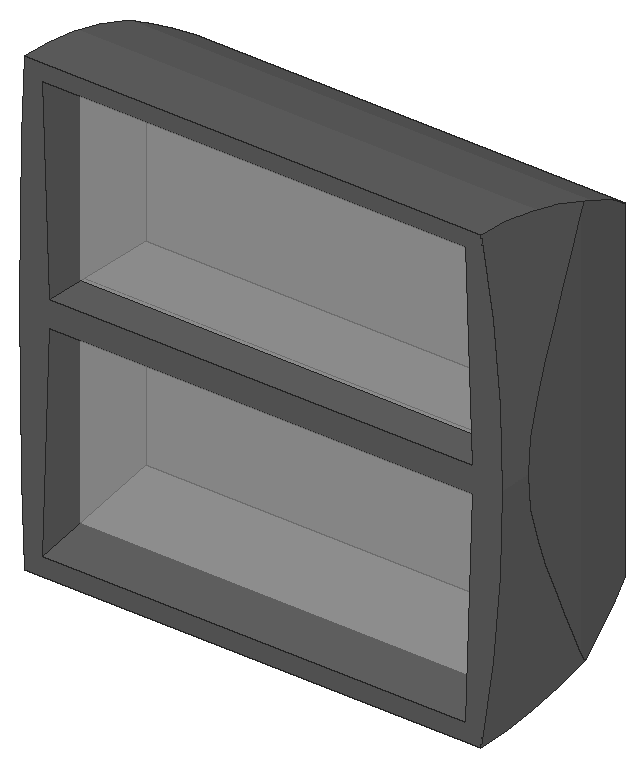
Revit family "FXL - Knuckle", category Lighting Fixtures, host Face, Revit 2021
Family settings
  Host = Face
  Round Connector Dimension = Use Diameter
  Part Type = Normal
  OmniClass Number = 23.80.70.14.14
  OmniClass Title = Exterior Floodlights
  Cut with Voids When Loaded = No
  Light Source = No
  Shared = Yes
  Room Calculation Point = No
Parameters (values of type "FXL Knuckle - BL")
  Voltage = 120 V
  URL = "https://www.currentlighting.com/exo"
  Total Input Wattage = 194 W
  Tilt Angle = 0.00°
  Stand = Black
  Product Page URL = ""
  Product Documentation Link = ""
  Pivot calc. = 89.00° + Pivot Angle + 1.00°  # 90.00°
  Pivot Angle = Tilt Angle  # 0.00°
  Photometric Web = Web ARF4 - Knuckle : ARF4-X-84L3K-700-N-U
  Model = "FXL 84 LED Floodlight"  # constant formula
  Manufacturer = "EXO"  # constant formula
  Lens = White Glass
  Finish = Black
  Description = "Office buildings, monuments, facades, columns, flag poles, bridges, commercial, mixed retail, apartments, schools and campuses"  # constant formula
  Default Elevation = 48.000"
  Apparent Load = 0 VA
Reference planes (in)
  plane 1 "Center (Front/Back)": y = 0
  plane 2: z = 0
  plane 3 "Center (Left/Right)": x = 0
  plane 4: z = 2
  plane 5: z = 2
  plane 6: x = 0.5
  plane 7: y = -0.5
  plane 8: y = 0.5
Forms (in)
  Extrusion 1, solid, material "Black" <- "Stand"
    sketch origin (0, 0, 0) x (0, 1, 0) y (0, 0, 1)
      loop
        circle (0, 2) r 0.75
    from 0 to 0.5
  Extrusion 2, solid, material "Black" <- "Stand"
    sketch origin (0, 0, 0) x (1, 0, 0) y (0, 1, 0)
      loop
        circle (0, 0) r 0.3
    from 0 to 2
  Extrusion 3, void
    sketch origin (0, 0, 0) x (1, 0, 0) y (0, 0, 1)
      loop
        line (-0.3, 2) -> (-0.3, 0.64622) -> (0, 1.03686) -> (0, 2) -> (-0.3, 2)
    from -0.5 to 0.5
Cuts and joins
  Extrusion 3 cuts Extrusion 1
  Extrusion 3 cuts Extrusion 2
  joined: Extrusion 1, Extrusion 2
Lines and regions (in)
  reference lines
    curve 1: line (0, 0, 2) -> (0, 0, 0.50316)
Dimensions and locks (in)
  locked: plane 4 to plane 2 at 2
  locked: plane 6 to plane 3 "Center (Left/Right)" at 0.5
  equal spacing: plane 7, plane 1 "Center (Front/Back)", plane 8
  locked: plane 1 "Center (Front/Back)" to plane 8 at 0.5
  locked: plane 4 to Extrusion 3 sketch curve at 1.35378
  locked: plane 4 to Extrusion 3 sketch curve at 0.96314
  locked: curve 1 to plane 5 (angle 90.00°)
  "Pivot calc.": angle plane 1 "Center (Front/Back)" to plane 5
  aligned and locked: plane 2 to host face
  aligned and locked: level to host face
  aligned and locked: plane 1 "Center (Front/Back)" to curve 1
  aligned and locked: plane 5 to curve 1
  aligned and locked: plane 3 "Center (Left/Right)" to nested 1
  aligned and locked: nested 1 to curve 1
  aligned and locked: nested 1 to plane 5
  aligned and locked: Extrusion 1 to plane 3 "Center (Left/Right)"
  aligned and locked: Extrusion 2 to plane 2
  aligned and locked: plane 4 to Extrusion 2
  aligned and locked: Extrusion 3 sketch curve to Extrusion 2  (x2)
  aligned and locked: Extrusion 3 sketch curve to plane 3 "Center (Left/Right)"
  aligned and locked: plane 8 to Extrusion 3
  aligned and locked: Extrusion 3 to plane 7
  aligned and locked: Extrusion 2 to host face
  aligned and locked: plane 6 to cut or joined group of Extrusion 1, Extrusion 2, Extrusion 3
  aligned and locked: nested 2 to plane 3 "Center (Left/Right)"
  aligned and locked: nested 2 to nested 1
Automatic sketch dimensions
  host sketch curve to host sketch curve = 96.000"  (x2)
  plane 1 "Center (Front/Back)" to Extrusion 2 sketch curve = 0.000"
  Extrusion 2 sketch curve to plane 3 "Center (Left/Right)" = 0.000"
  Extrusion 1 sketch curve to plane 1 "Center (Front/Back)" = 0.000"
  Extrusion 1 sketch curve to plane 4 = 0.000"
  radius of Extrusion 2 sketch curve = 0.300"
  radius of Extrusion 1 sketch curve = 0.750"
Nested families (in)
  nested 1: "ARF4 Architectural 84 LED Floodlight - Knuckle" at (0, 0, -3.6), Finish <- "Finish", Lens <- "Lens", type "ARF4 Architectural 84 LED Floodlight - Knuckle"
    with Lens White Glass, Finish Black
  nested 2: "Web ARF4 - Knuckle" at (-0.23896, -2.5, 12.03999) x (-1, 0, 0) z (0, -1, 0), type <- "Photometric Web", type "ARF4-X-84L3K-700-N-U"
Connectors (in)
  electrical at (0, 0, 0), driven by "Voltage", driven by "Description"
    settings: on cut or joined group of Extrusion 1, Extrusion 2, Extrusion 3, index 1, voltage 120 V, apparent load 0 VA, apparent load phase1 0 VA, apparent load phase2 0 VA, apparent load phase3 0 VA, power factor 1, load classification "Other", number of poles 1, system type 30, power factor state 1, is connector primary yes, connector utility no, sub classification motor no, connector description "Office buildings, monuments, facades, columns, flag poles, bridges, commercial, mixed retail, apartments, schools and campuses"
Definition of nested family "ARF4 Architectural 84 LED Floodlight - Knuckle"
  Parameters
    URL = "http://www.spauldinglighting.com/"
    Product Page URL = ""
    Product Documentation Link = ""
    Manufacturer Phone = "(864)-678-1000"  # constant formula
    Manufacturer Fax = "(866)-898-1065"  # constant formula
    Manufacturer = "Spaulding Lighting"  # constant formula
    Lens [instance] = none
    Finish [instance] = none
    Default Elevation = 48.000"
  Reference planes (in)
    plane 1 "Center (Front/Back)": y = 0
    plane 2: z = 0
    plane 3 "Center (Left/Right)": x = 0
    plane 4: z = 5.6
    plane 5: y = 2
    plane 6: y = -4
    plane 7: x = -7.45
    plane 8: x = 7.45
    plane 9: z = 19.6
    plane 10: x = -0.5
    plane 11: x = -6.95
    plane 12: x = 6.95
    plane 13: y = -2.5
    plane 14: y = -2.35
    plane 15: z = 12.6
    plane 16: y = 2.75
    plane 17: y = -4.75
    plane 18: z = 20.1
    plane 19: z = 5.1
    plane 20: x = -6.45
    plane 21: x = 6.45
    plane 22: z = 15.6
  Forms (in)
    Extrusion 1, solid, material <- "Finish"
      sketch origin (0, 0, 0) x (0, 1, 0) y (0, 0, 1)
        loop
          arc (-4, 19.6) -> (-3.68063, 12.6) -> (-4, 5.6) r 76.87231
          arc (-4, 5.6) -> (-0.85167, 6.08727) -> (2, 7.50763) r 10.36587
          line (2, 7.50763) -> (2, 12.6) -> (2, 17.69237)
          arc (2, 17.69237) -> (-0.85167, 19.11273) -> (-4, 19.6) r 10.36587
      from -7.45 to 7.45
    Extrusion 2, void
      sketch origin (0, 0, 0) x (1, 0, 0) y (0, 0, 1)
        loop
          line (-6.89284, 20.1) -> (-8.45, 20.1) -> (-8.45, 5.1) -> (-6.89284, 5.1)
          arc (-6.89284, 5.1) -> (-7.33501, 12.6) -> (-6.89284, 20.1) r 63.82678
        loop
          arc (6.89335, 20.1) -> (7.33158, 12.6) -> (6.89335, 5.1) r 64.39699
          line (6.89335, 5.1) -> (8.45, 5.1) -> (8.45, 20.1) -> (6.89335, 20.1)
      from -2.75 to 4.75
    Extrusion 3, void
      sketch origin (0, 0, 0) x (1, 0, 0) y (0, 1, 0)
        loop
          arc (-7.36799, -4.75) -> (-7.15567, -0.954) -> (-6.29827, 2.75) r 22.18331
          line (-6.29827, 2.75) -> (-7.95, 2.75) -> (-7.95, -4.75) -> (-7.36799, -4.75)
        loop
          line (7.36799, -4.75) -> (7.95, -4.75) -> (7.95, 2.75) -> (6.29827, 2.75)
          arc (6.29827, 2.75) -> (7.15567, -0.954) -> (7.36799, -4.75) r 22.18331
      from 5.1 to 20.1
    Extrusion 4, void
      sketch origin (0, 0, 0) x (0, 1, 0) y (0, 0, 1)
        loop
          line (-4, 19.1) -> (-4, 12.98128) -> (0, 12.98128) -> (0, 18.32248)
          arc (0, 18.32248) -> (-1.97941, 18.81718) -> (-4, 19.1) r 19.28656
        loop
          arc (-4, 6.1) -> (-1.97941, 6.38282) -> (0, 6.87752) r 19.28656
          line (0, 6.87752) -> (0, 12.21872) -> (-4, 12.21872) -> (-4, 6.1)
      from -6.45 to 6.45
    Extrusion 5, solid, material <- "Lens"
      sketch origin (0, 0, 0) x (0, 1, 0) y (0, 0, 1)
        loop
          line (-2.5, 12.98128) -> (-2.35, 12.98128) -> (-2.35, 18.88546)
          arc (-2.35, 18.88546) -> (-2.42497, 18.89837) -> (-2.5, 18.91098) r 19.28656
          line (-2.5, 18.91098) -> (-2.5, 12.98128)
        loop
          line (-2.5, 12.21872) -> (-2.5, 6.28902)
          arc (-2.5, 6.28902) -> (-2.42497, 6.30163) -> (-2.35, 6.31454) r 19.28656
          line (-2.35, 6.31454) -> (-2.35, 12.21872) -> (-2.5, 12.21872)
      from -6.45 to 6.45
    Extrusion 6, solid, material <- "Finish"
      sketch origin (0, 0, 0) x (0, 1, 0) y (0, 0, 1)
        loop
          arc (-0.75, 5.6) -> (0, 4.85) -> (0.75, 5.6) r 0.75
          line (0.75, 5.6) -> (0.75, 6.85) -> (-0.75, 6.85) -> (-0.75, 5.6)
      from -0.5 to 0
  Cuts and joins
    Extrusion 2, Extrusion 3, Extrusion 4 cuts Extrusion 1
    Extrusion 4 cuts Extrusion 6
    joined: Extrusion 1, Extrusion 6
  Lines and regions (in)
    reference lines
      curve 1: line (0, 0, 5.6) -> (0, 2.31819, 4.94244)
      curve 2: line (0, -5, 15.6) -> (0, 3.72, 15.6)
  Dimensions and locks (in)
    locked: plane 6 to plane 5 at 6
    locked: plane 1 "Center (Front/Back)" to plane 5 at 2
    equal spacing: plane 8, plane 3 "Center (Left/Right)", plane 7
    locked: plane 8 to plane 7 at 14.9
    plane 3 "Center (Left/Right)" to plane 10 = 0.500"
    equal spacing: plane 12, plane 3 "Center (Left/Right)", plane 11
    locked: plane 11 to plane 7 at 0.5
    locked: plane 13 to plane 1 "Center (Front/Back)" at 2.5
    locked: plane 13 to plane 14 at 0.15
    plane 9 to plane 15 = 7.000"
    locked: plane 9 to level at 19.6
    locked: plane 9 to plane 4 at 14
    locked: Extrusion 1 sketch curve to plane 15 at 5.09237
    plane 7 to Extrusion 2 sketch curve = 1.000"
    locked: Extrusion 2 sketch curve to plane 8 at 1
    locked: plane 17 to plane 6 at 0.75
    locked: plane 5 to plane 16 at 0.75
    locked: plane 18 to plane 9 at 0.5
    locked: plane 4 to plane 19 at 0.5
    locked: Extrusion 3 sketch curve to plane 7 at 0.5
    locked: plane 8 to Extrusion 3 sketch curve at 0.5
    equal spacing: Extrusion 4 sketch curve, plane 15, Extrusion 4 sketch curve, locked at 0.38128 each
    locked: Extrusion 4 sketch curve to Extrusion 4 sketch curve at 11.44496
    equal spacing: plane 21, plane 3 "Center (Left/Right)", plane 20
    locked: plane 20 to plane 11 at 0.5
    locked: Extrusion 6 sketch curve to plane 4 at 1.25
    locked: plane 22 to plane 15 at 3
    aligned and locked: plane 9 to Extrusion 1 sketch curve
    aligned and locked: plane 4 to Extrusion 1 sketch curve
    aligned and locked: plane 6 to Extrusion 1 sketch curve
    aligned and locked: plane 5 to Extrusion 1 sketch curve
    aligned and locked: Extrusion 1 to plane 7
    aligned and locked: plane 8 to Extrusion 1
    aligned and locked: Extrusion 2 to plane 17
    aligned and locked: Extrusion 2 sketch curve to plane 18
    aligned and locked: Extrusion 2 sketch curve to Extrusion 2 sketch curve  (x2)
    aligned and locked: Extrusion 2 sketch curve to plane 19
    aligned and locked: Extrusion 3 sketch curve to plane 17
    aligned and locked: plane 17 to Extrusion 3 sketch curve  (x3)
    aligned and locked: plane 16 to Extrusion 3 sketch curve  (x2)
    aligned and locked: Extrusion 3 to Extrusion 2  (x2)
    aligned and locked: Extrusion 4 sketch curve to plane 6
    aligned and locked: plane 6 to Extrusion 4 sketch curve  (x2)
    aligned and locked: plane 1 "Center (Front/Back)" to Extrusion 4 sketch curve
    aligned and locked: Extrusion 4 sketch curve to plane 1 "Center (Front/Back)"
    aligned and locked: Extrusion 4 to plane 20
    aligned and locked: plane 21 to Extrusion 4
    aligned and locked: plane 13 to Extrusion 5 sketch curve
    aligned and locked: Extrusion 5 sketch curve to plane 14
    aligned and locked: cut or joined group of Extrusion 1, Extrusion 2, Extrusion 3, Extrusion 4, Extrusion 6 to Extrusion 5 sketch curve
    aligned and locked: Extrusion 5 sketch curve to cut or joined group of Extrusion 1, Extrusion 2, Extrusion 3, Extrusion 4, Extrusion 6
    aligned and locked: cut or joined group of Extrusion 1, Extrusion 2, Extrusion 3, Extrusion 4, Extrusion 6 to Extrusion 5  (x2)
    aligned and locked: Extrusion 6 to plane 10
    aligned and locked: plane 3 "Center (Left/Right)" to Extrusion 6
    aligned and locked: plane 22 to curve 2
  Automatic sketch dimensions
    curve 1 to plane 1 "Center (Front/Back)" = 0.000"
    curve 1 to plane 4 = 0.000"
    curve 2 to plane 6 = 1.000"
    plane 5 to curve 1 = 0.31819"
    plane 5 to curve 2 = 1.720"
    curve 1 to plane 4 = 0.65756"
    Extrusion 1 sketch curve to plane 15 = 0.000"  (x2)
    Extrusion 1 sketch curve to plane 6 = 76.55294"
    plane 6 to Extrusion 1 sketch curve = 0.00755"  (x2)
    Extrusion 1 sketch curve to Extrusion 1 sketch curve = 5.09237"
    Extrusion 2 sketch curve to plane 15 = 0.000"  (x2)
    Extrusion 2 sketch curve to Extrusion 2 sketch curve = 48.61541"
    Extrusion 2 sketch curve to plane 12 = 0.05665"
    Extrusion 2 sketch curve to Extrusion 2 sketch curve = 48.04176"
    plane 11 to Extrusion 2 sketch curve = 0.05716"
    Extrusion 3 sketch curve to plane 6 = 0.08627"  (x2)
    Extrusion 3 sketch curve to Extrusion 3 sketch curve = 6.85539"
    plane 7 to Extrusion 3 sketch curve = 0.08201"
    plane 11 to Extrusion 3 sketch curve = 0.65173"
    Extrusion 3 sketch curve to plane 12 = 0.65173"
    Extrusion 4 sketch curve to plane 17 = 0.90946"  (x2)
    Extrusion 4 sketch curve to level = 0.11504"
    plane 4 to Extrusion 4 sketch curve = 0.500"
    Extrusion 4 sketch curve to Extrusion 4 sketch curve = 0.77752"
    Extrusion 4 sketch curve to plane 15 = 0.38128"
    Extrusion 5 sketch curve to plane 13 = 0.000"
    Extrusion 5 sketch curve to plane 14 = 0.000"
    Extrusion 5 sketch curve to plane 17 = 0.90946"
    plane 4 to Extrusion 5 sketch curve = 0.68902"
    Extrusion 5 sketch curve to Extrusion 5 sketch curve = 0.02552"
    Extrusion 5 sketch curve to plane 15 = 0.38128"
    Extrusion 6 sketch curve to plane 4 = 0.000"
    Extrusion 6 sketch curve to plane 1 "Center (Front/Back)" = 0.000"
    plane 1 "Center (Front/Back)" to Extrusion 6 sketch curve = 0.750"
Definition of nested family "Web ARF4 - Knuckle"
  Parameters
    Wattage Comments = ""
    Wattage = 32 W
    built-in parameter 1150110 = 1 (stored number, unit not read)
    URL = "http://www.spauldinglighting.com/"
    built-in parameter 1114217 = 1 (stored number, unit not read)
    Tilt Angle = -90.00°
    built-in parameter 1150109 = 1 (stored number, unit not read)
    built-in parameter 1150134 = 3
    built-in parameter 1150113 = 1 (stored number, unit not read)
    Product Page URL = ""
    Product Documentation Link = ""
    Photometric Web File = "ARF4-X-84L5K-070-W-U-XX.ies"
    Model = ""
    Manufacturer Phone = "(864)-678-1000"  # constant formula
    Manufacturer Fax = "(866)-898-1065"  # constant formula
    Manufacturer = "Spaulding Lighting"  # constant formula
    built-in parameter 1150105 = 206.9 (stored number, unit not read)
    Lumens = 2600 lm
    built-in parameter 1150115 = 1 (stored number, unit not read)
    built-in parameter 1150137 = (empty or 0)
    built-in parameter 1150139 = (empty or 0)
    built-in parameter 1150112 = 1 (stored number, unit not read)
    built-in parameter 1150114 = 1 (stored number, unit not read)
    Lamp = ""
    built-in parameter 1150132 = (empty or 0)
    built-in parameter 1150102 = (empty or 0)
    built-in parameter 1150107 = 3200 (stored number, unit not read)
    built-in parameter 1150138 = (empty or 0)
    built-in parameter 1150106 = 2.069 (stored number, unit not read)
    built-in parameter 1150104 = 7.5484 (stored number, unit not read)
    Dimming Lamp Color Temperature Shift = (empty or 0)
    Description = ""
    Default Elevation = 48.000"
    Color Filter = 16777215
    built-in parameter 1114218 = 1 (stored number, unit not read)
    built-in parameter 1150133 = 10 (stored number, unit not read)
  Reference planes (in)
    plane 1 "Center (Front/Back)": y = 0.03999
    plane 2: z = 0
    plane 3 "Center (Left/Right)": x = -0.23896
  Forms (in)
    Extrusion 1, solid
      sketch origin (0, 0, 0.06357) x (1, 0, 0) y (0, 1, 0)
        loop
          line (-48, 48) -> (-48, -48) -> (48, -48) -> (48, 48) -> (-48, 48)
      from -0.06357 to -17.74365
  Lines and regions (in)
    reference lines
      curve 1: line (-0.23896, 0.03999, 18.11448) -> (-0.23896, 0.03999, -22.88552)
      curve 2: line (-0.23896, 0.03999, 34) -> (-0.23896, 0.03999, -22.88552)
  Dimensions and locks (in)
    aligned and locked: plane 2 to Extrusion 1
    aligned and locked: level to Extrusion 1
    aligned and locked: curve 1 to plane 3 "Center (Left/Right)"
    aligned and locked: plane 1 "Center (Front/Back)" to curve 2
    aligned and locked: imposter light to plane 1 "Center (Front/Back)"
